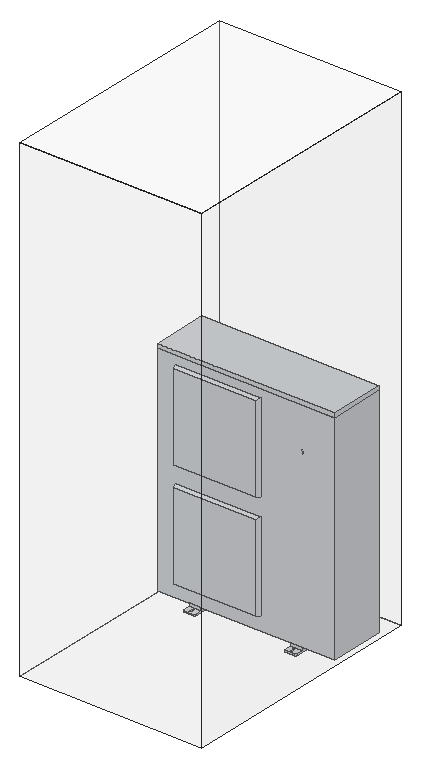
Revit family "pusy-hp80_160mh4_60hz", category 機械設備, Revit 2019 (continued)
Definition of nested family "PUZ-ZRMP-3"
  Dimensions and locks
    aligned and locked: Blend 4 sketch curve to plane 40
    aligned and locked: Blend 4 sketch curve to plane 46
    aligned and locked: Blend 4 sketch curve to plane 44
    aligned and locked: Blend 4 sketch curve to plane 45
    aligned and locked: Blend 4 sketch curve to plane 47
    aligned and locked: Blend 4 to plane 8
    aligned and locked: plane 37 to Blend 4
    aligned and locked: curve 17 to plane 48
    aligned and locked: curve 1 to plane 48
    aligned and locked: plane 48 to curve 19
    aligned and locked: curve 18 to plane 49
    aligned and locked: plane 49 to curve 2
    aligned and locked: plane 49 to curve 20
    aligned and locked: Blend 5 sketch curve to plane 63
    aligned and locked: Blend 5 sketch curve to plane 64
    aligned and locked: Blend 5 sketch curve to plane 41
    aligned and locked: Blend 5 sketch curve to plane 40
    aligned and locked: plane 44 to Blend 5 sketch curve
    aligned and locked: Blend 5 sketch curve to plane 45
    aligned and locked: Blend 5 sketch curve to plane 65
    aligned and locked: plane 66 to Blend 5 sketch curve
    aligned and locked: Blend 5 to plane 8
    aligned and locked: plane 37 to Blend 5
    aligned and locked: plane 22 to Extrusion 6 sketch curve
    aligned and locked: plane 21 to Extrusion 6 sketch curve
    aligned and locked: Extrusion 6 sketch curve to Extrusion 1  (x4)
    aligned and locked: Extrusion 6 sketch curve to plane 20
    aligned and locked: plane 23 to Extrusion 6
    aligned and locked: Extrusion 6 to level
    aligned and locked: plane 24 to Extrusion 7
    aligned and locked: Extrusion 7 to plane 25
    aligned and locked: Masking region 1 sketch curve to Extrusion 3  (x4)
    aligned and locked: Masking region 1 sketch curve to cut or joined group of Extrusion 1, Extrusion 6  (x8)
    aligned and locked: Masking region 1 sketch curve to Blend 5  (x3)
    aligned and locked: plane 50 to Extrusion 7 sketch curve
    aligned and locked: plane 51 to Extrusion 7 sketch curve
    aligned and locked: plane 68 to Extrusion 7 sketch curve
    aligned and locked: plane 69 to Extrusion 7 sketch curve
    aligned and locked: plane 70 to Extrusion 7 sketch curve
    aligned and locked: plane 71 to Extrusion 7 sketch curve
    aligned and locked: plane 67 to Extrusion 7 sketch curve  (x4)
  Automatic sketch dimensions
    plane 7 to Extrusion 1 sketch curve = 0 mm  (x2)
    Extrusion 1 sketch curve to plane 18 = 0 mm
    plane 8 to Extrusion 1 sketch curve = 0 mm  (x2)
    Extrusion 1 sketch curve to plane 19 = 0 mm
    Extrusion 1 sketch curve to plane 20 = 0 mm
    Extrusion 1 sketch curve to plane 21 = 0 mm
    curve 187 to curve 188 = 40 mm
    curve 186 to curve 190 = 13.333 mm
    curve 190 to curve 190 = 40 mm
    curve 186 to curve 193 = 0 mm
    curve 186 to curve 188 = 40 mm
    curve 188 to curve 191 = 0 mm
    curve 179 to curve 180 = 40 mm
    curve 178 to curve 182 = 120 mm
    curve 182 to curve 182 = 40 mm
    curve 178 to curve 185 = 0 mm
    curve 178 to curve 180 = 40 mm
    curve 182 to curve 183 = 40 mm
    curve 25 to plane 44 = 0 mm
    curve 24 to plane 44 = 0 mm
    curve 22 to plane 44 = 0 mm
    curve 23 to plane 44 = 0 mm
    curve 26 to plane 44 = 0 mm
    curve 21 to plane 44 = 0 mm
    curve 24 to plane 45 = 0 mm
    curve 25 to plane 45 = 0 mm
    curve 26 to plane 45 = 0 mm
    curve 23 to plane 45 = 0 mm
    curve 22 to plane 45 = 0 mm
    curve 21 to plane 45 = 0 mm
    curve 37 to plane 47 = 0 mm
    curve 52 to plane 47 = 0 mm
    curve 51 to plane 47 = 0 mm
    curve 50 to plane 47 = 0 mm
    curve 49 to plane 47 = 0 mm
    curve 48 to plane 47 = 0 mm
    curve 47 to plane 47 = 0 mm
    curve 46 to plane 47 = 0 mm
    curve 45 to plane 47 = 0 mm
    curve 44 to plane 47 = 0 mm
    curve 43 to plane 47 = 0 mm
    curve 42 to plane 47 = 0 mm
    curve 41 to plane 47 = 0 mm
    curve 27 to plane 47 = 0 mm
    curve 28 to plane 47 = 0 mm
    curve 40 to plane 47 = 0 mm
    curve 39 to plane 47 = 0 mm
    curve 29 to plane 47 = 0 mm
    curve 38 to plane 47 = 0 mm
    curve 30 to plane 47 = 0 mm
    curve 53 to plane 47 = 0 mm
    curve 31 to plane 47 = 0 mm
    curve 36 to plane 47 = 0 mm
    curve 32 to plane 47 = 0 mm
    curve 35 to plane 47 = 0 mm
    curve 33 to plane 47 = 0 mm
    curve 34 to plane 47 = 0 mm
    curve 28 to plane 46 = 0 mm
    curve 41 to plane 46 = 0 mm
    curve 27 to plane 46 = 0 mm
    curve 42 to plane 46 = 0 mm
    curve 31 to plane 46 = 0 mm
    curve 40 to plane 46 = 0 mm
    curve 37 to plane 46 = 0 mm
    curve 39 to plane 46 = 0 mm
    curve 32 to plane 46 = 0 mm
    curve 45 to plane 46 = 0 mm
    curve 36 to plane 46 = 0 mm
    curve 46 to plane 46 = 0 mm
    curve 43 to plane 46 = 0 mm
    curve 47 to plane 46 = 0 mm
    curve 29 to plane 46 = 0 mm
    curve 48 to plane 46 = 0 mm
    curve 30 to plane 46 = 0 mm
    curve 49 to plane 46 = 0 mm
    curve 44 to plane 46 = 0 mm
    curve 50 to plane 46 = 0 mm
    curve 33 to plane 46 = 0 mm
    curve 51 to plane 46 = 0 mm
    curve 35 to plane 46 = 0 mm
    curve 52 to plane 46 = 0 mm
    curve 38 to plane 46 = 0 mm
    curve 53 to plane 46 = 0 mm
    curve 34 to plane 46 = 0 mm
    plane 13 to curve 304 = 138 mm
    curve 304 to plane 45 = 0 mm
    curve 307 to plane 44 = 0 mm
    curve 306 to plane 44 = 0 mm
    curve 303 to plane 44 = 0 mm
    curve 308 to plane 44 = 0 mm
    curve 303 to plane 45 = 0 mm
    curve 306 to plane 45 = 0 mm
    curve 307 to plane 45 = 0 mm
    curve 308 to plane 45 = 0 mm
    curve 309 to plane 44 = 0 mm
    curve 309 to plane 45 = 0 mm
    curve 305 to plane 66 = 0 mm
    curve 305 to plane 65 = 0 mm
    curve 310 to plane 66 = 0 mm
    curve 310 to plane 65 = 0 mm
    curve 311 to plane 65 = 0 mm
    curve 311 to plane 66 = 0 mm
    curve 312 to plane 66 = 0 mm
    curve 312 to plane 65 = 0 mm
    curve 313 to plane 66 = 0 mm
    curve 313 to plane 65 = 0 mm
    curve 314 to plane 65 = 0 mm
    curve 314 to plane 66 = 0 mm
    curve 315 to plane 66 = 0 mm
    curve 315 to plane 65 = 0 mm
    curve 316 to plane 65 = 0 mm
    curve 316 to plane 66 = 0 mm
    curve 317 to plane 66 = 0 mm
    curve 317 to plane 65 = 0 mm
    curve 318 to plane 66 = 0 mm
    curve 318 to plane 65 = 0 mm
    curve 319 to plane 66 = 0 mm
    curve 319 to plane 65 = 0 mm
    curve 320 to plane 66 = 0 mm
    curve 320 to plane 65 = 0 mm
    curve 321 to plane 66 = 0 mm
    curve 321 to plane 65 = 0 mm
    curve 322 to plane 65 = 0 mm
    curve 322 to plane 66 = 0 mm
    curve 323 to plane 65 = 0 mm
    curve 323 to plane 66 = 0 mm
    curve 324 to plane 65 = 0 mm
    curve 324 to plane 66 = 0 mm
    curve 325 to plane 66 = 0 mm
    curve 325 to plane 65 = 0 mm
    curve 326 to plane 66 = 0 mm
    curve 326 to plane 65 = 0 mm
    curve 327 to plane 66 = 0 mm
    curve 327 to plane 65 = 0 mm
    curve 328 to plane 66 = 0 mm
    curve 328 to plane 65 = 0 mm
    curve 329 to plane 66 = 0 mm
    curve 329 to plane 65 = 0 mm
    curve 330 to plane 66 = 0 mm
    curve 330 to plane 65 = 0 mm
    curve 331 to plane 66 = 0 mm
    curve 331 to plane 65 = 0 mm
    curve 332 to plane 65 = 0 mm
    curve 332 to plane 66 = 0 mm
    curve 333 to plane 66 = 0 mm
    curve 333 to plane 65 = 0 mm
    curve 334 to plane 65 = 0 mm
    curve 334 to plane 66 = 0 mm
    curve 335 to plane 66 = 0 mm
    curve 335 to plane 65 = 0 mm
    Extrusion 6 sketch curve to plane 18 = 0 mm  (x2)
    plane 8 to Extrusion 6 sketch curve = 0 mm
    plane 22 to Extrusion 6 sketch curve = 0 mm  (x3)
    plane 16 to Extrusion 6 sketch curve = 0 mm  (x3)
    plane 17 to Extrusion 6 sketch curve = 0 mm  (x3)
    Extrusion 6 sketch curve to plane 15 = 0 mm  (x2)
    Extrusion 6 sketch curve to plane 19 = 0 mm  (x2)
    Extrusion 6 sketch curve to plane 14 = 0 mm  (x2)
    plane 7 to Extrusion 6 sketch curve = 0 mm
    Extrusion 6 sketch curve to plane 18 = 5 mm
    plane 15 to Extrusion 6 sketch curve = 6 mm  (x2)
    plane 19 to Extrusion 6 sketch curve = 5 mm
    Extrusion 6 sketch curve to plane 20 = 5 mm
    plane 14 to Extrusion 6 sketch curve = 6 mm  (x2)
    plane 21 to Extrusion 6 sketch curve = 5 mm
    plane 37 to Extrusion 6 sketch curve = 10 mm  (x2)
    plane 19 to Masking region 1 sketch curve = 0 mm
    plane 21 to Masking region 1 sketch curve = 0 mm
    plane 7 to Masking region 1 sketch curve = 0 mm  (x2)
    Masking region 1 sketch curve to plane 20 = 0 mm
    Masking region 1 sketch curve to plane 18 = 0 mm
    plane 8 to Masking region 1 sketch curve = 0 mm  (x2)
    plane 37 to Masking region 1 sketch curve = 0 mm
    curve 352 to plane 6 = 0 mm
    plane 7 to curve 352 = 0 mm
    curve 353 to plane 18 = 0 mm
    curve 348 to plane 18 = 0 mm
    plane 8 to curve 346 = 0 mm
    curve 354 to plane 19 = 0 mm
    curve 347 to plane 19 = 0 mm
    curve 345 to plane 40 = 0 mm
    plane 37 to curve 344 = 0 mm
    curve 344 to plane 45 = 0 mm
    curve 357 to plane 20 = 0 mm
    curve 343 to plane 20 = 0 mm
    curve 358 to plane 21 = 0 mm
    curve 341 to plane 21 = 0 mm
    curve 339 to plane 44 = 0 mm
    curve 339 to plane 41 = 0 mm
    curve 337 to plane 5 = 0 mm
    plane 22 to curve 354 = 0 mm
    plane 22 to curve 358 = 0 mm
    plane 18 to curve 352 = 28.157 mm
    plane 15 to curve 346 = 0.043 mm
    plane 21 to curve 338 = 11.963 mm
    curve 336 to plane 21 = 9.073 mm
    curve 344 to plane 21 = 22.105 mm
    plane 27 to curve 3 = 5 mm
    curve 3 to plane 44 = 38 mm
    curve 1 to plane 44 = 38 mm
    curve 3 to curve 5 = 0 mm
    curve 4 to plane 28 = 5 mm
    curve 2 to curve 16 = 15 mm
    plane 50 to curve 15 = 5 mm
    curve 341 to curve 342 = 23 mm
    plane 37 to curve 347 = 23 mm
    plane 37 to Extrusion 6 sketch curve = 18 mm  (x2)
    curve 20 to curve 14 = 17.5 mm
    curve 20 to plane 6 = 46 mm
    curve 12 to curve 6 = 0 mm
    curve 372 to curve 5 = 0 mm
    curve 11 to plane 6 = 78.5 mm
Definition of nested family "固定点"
  Parameters (values of type "固定点")
    中心円 = if(W > 599 mm, 12 mm, 10 mm)  # 12 mm
    W = 1000 mm
    D = 1000 mm
  Reference planes
    plane 1 "中心(正面/背面)": y = 0
    plane 2: z = 0
    plane 3 "中心(左/右)": x = 0
    plane 4: x = 1000
    plane 5: y = 1000
  Lines and regions (mm)
    symbolic lines, detail levels fine
      curve 1: circle (0, 1000, 0) r 6 normal (0, 0, 1)
      curve 2: circle (0, 0, 0) r 6 normal (0, 0, 1)
      curve 3: circle (1000, 1000, 0) r 6 normal (0, 0, 1)
      curve 4: circle (1000, 0, 0) r 6 normal (0, 0, 1)
      curve 5: line (-200, 1000, 0) -> (1200, 1000, 0)
      curve 6: line (-200, 0, 0) -> (1200, 0, 0)
      curve 7: line (0, 1200, 0) -> (0, -200, 0)
      curve 8: line (1000, 1200, 0) -> (1000, -200, 0)
  Dimensions and locks
    "W": plane 3 "中心(左/右)" to plane 4
    "D": plane 1 "中心(正面/背面)" to plane 5
    "中心円": diameter of curve 1
    "中心円": diameter of curve 2
    "中心円": diameter of curve 3
    "中心円": diameter of curve 4
    aligned and locked: level to plane 2
    aligned and locked: plane 5 to curve 1
    aligned and locked: plane 3 "中心(左/右)" to curve 1
    aligned and locked: plane 3 "中心(左/右)" to curve 2
    aligned and locked: plane 1 "中心(正面/背面)" to curve 2
    aligned and locked: plane 4 to curve 3
    aligned and locked: plane 5 to curve 3
    aligned and locked: plane 1 "中心(正面/背面)" to curve 4
    aligned and locked: plane 4 to curve 4
    aligned and locked: plane 1 "中心(正面/背面)" to curve 6
    aligned and locked: curve 7 to plane 3 "中心(左/右)"
    aligned and locked: curve 8 to plane 4
  Automatic sketch dimensions
    curve 5 to plane 5 = 0 mm
    curve 6 to plane 3 "中心(左/右)" = 200 mm
    curve 5 to plane 3 "中心(左/右)" = 200 mm
    curve 4 to curve 6 = 200 mm
    curve 3 to curve 5 = 200 mm
    plane 1 "中心(正面/背面)" to curve 8 = 200 mm
    plane 1 "中心(正面/背面)" to curve 7 = 200 mm
    curve 3 to curve 8 = 200 mm
    curve 1 to curve 7 = 200 mm
Types (4, lengths in mm): name | 音響パワーレベル（冷）(dB) | 音響パワーレベル(dB) | 電動機出力_送風機 | 電動機出力_圧縮機 | 質量 | 製品質量 | 消費電力_暖房 | 消費電力_冷房 | 消費電力 | 構成品番 | 最大電流値 | 暖房能力 | 冷房能力 | 冷媒管位置Z | URL
  室外機_PUSY-HP112MH4(-BS,BSG) | 70 | 70 | 0.12 kW | 2.87 kW | 146.40 kg | 122.00 kg | 3.57 kW | 3.12 kW | 3.57 kW | "PUSY-HP112MH4 (-BS,-BSG)" | 28 A | 12.5 kW | 11.2 kW | 420 | "https://www.mitsubishielectric.co.jp/ldg/wink/ssl/displayProduct.do?pid=321195"
  室外機_PUSY-HP140MH4(-BS,BSG) | 73 | 73 | 0.12 kW | 3.8 kW | 146.40 kg | 122.00 kg | 4.68 kW | 4.37 kW | 4.68 kW | "PUSY-HP140MH4 (-BS,-BSG)" | 28 A | 16 kW | 14 kW | 420 | "https://www.mitsubishielectric.co.jp/ldg/wink/ssl/displayProduct.do?pid=321198"
  室外機_PUSY-HP160MH4(-BS,BSG) | 76 | 76 | 0.3 kW | 3.65 kW | 158.40 kg | 132.00 kg | 4.81 kW | 4.91 kW | 4.91 kW | "PUSY-HP160MH4 (-BS,-BSG)" | 28.5 A | 18 kW | 16 kW | 422 | "https://www.mitsubishielectric.co.jp/ldg/wink/ssl/displayProduct.do?pid=321201"
  室外機_PUSY-HP80MH4(-BS,BSG) | 70 | 70 | 0.12 kW | 1.98 kW | 146.40 kg | 122.00 kg | 2.01 kW | 1.81 kW | 2.01 kW | "PUSY-HP80MH4 (-BS,-BSG)" | 28 A | 9 kW | 8 kW | 420 | "https://www.mitsubishielectric.co.jp/ldg/wink/ssl/displayProduct.do?pid=321193"
